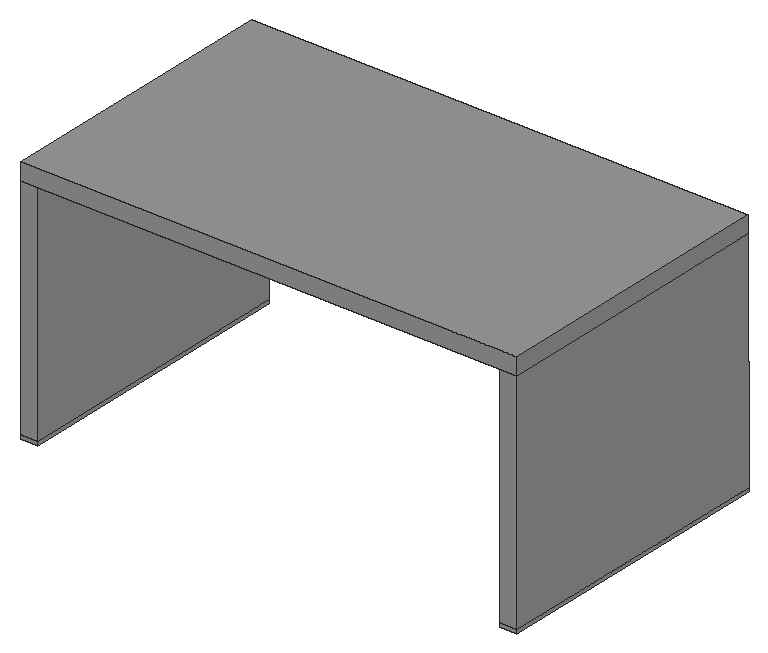
Revit family "Cocoon Community Table 42x72x36", category Generic Models, Revit 2018
Family settings
  Can host rebar = No
  Round Connector Dimension = Use Diameter
  Part Type = Normal
  Work Plane-Based = No
  Always vertical = Yes
  Cut with Voids When Loaded = No
  Shared = No
  Room Calculation Point = No
Parameters
  Frame = Cocoon Community Table 42x72x36 Frame
  Surface = Cocoon Community Table 42x72x36 Surface
Reference planes (in)
  plane 1 "Center (Front/Back)": y = 0
  plane 2: z = 0
  plane 3 "Center (Left/Right)": x = 0
Forms (in)
  Extrusion 1, solid, material "Cocoon Community Table 42x72x36 Frame" <- "Frame"
    sketch origin (0, 0, 0) x (1, 0, 0) y (0, 0, 1)
      loop
        line (-36, 0.5) -> (-36, 0) -> (-33.5, 0) -> (-33.5, 0.5) -> (-36, 0.5)
      loop
        line (36, 0.5) -> (33.5, 0.5) -> (33.5, 0) -> (36, 0) -> (36, 0.5)
    from -21 to 21
  Extrusion 2, solid, material "Cocoon Community Table 42x72x36 Surface" <- "Surface"
    sketch origin (0, 0, 7) x (1, 0, 0) y (0, 0, 1)
      loop
        line (-36, 29) -> (-36, 26.5) -> (36, 26.5) -> (36, 29) -> (-36, 29)
    from -21 to 21
  Extrusion 3, solid, material "Cocoon Community Table 42x72x36 Frame" <- "Frame"
    sketch origin (0, 0, 0) x (1, 0, 0) y (0, 0, 1)
      loop
        line (-36, 33.5) -> (-36, 0.5) -> (-33.5, 0.5) -> (-33.5, 33.5) -> (-36, 33.5)
      loop
        line (33.5, 33.5) -> (33.5, 0.5) -> (36, 0.5) -> (36, 33.5) -> (33.5, 33.5)
    from -21 to 21
Dimensions and locks (in)
  aligned and locked: level to plane 2
